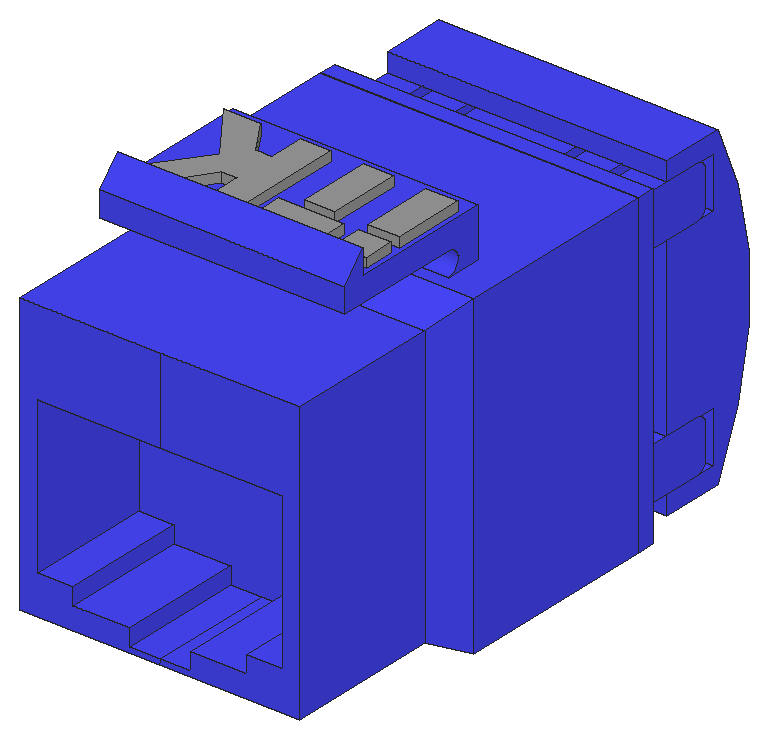
Revit family "ITK_Модуль Keystone Jack_180 градусов_Неэкранированный_IP20", category Обобщенные модели, Revit 2019
Family settings
  Может служить основой для арматурных стержней = Нет
  Размер круглого соединителя = Использовать диаметр
  Тип детали = Нормальный
  На основе рабочей плоскости = Нет
  Всегда вертикально = Да
  При загрузке вырезать с полостями = Нет
  Общий = Нет
  Точка расчета площади = Нет
Parameters (values of type "CS1-1C06U-12")
  Ширина = 17 mm
  Степень защиты = "IP20"  # constant formula
  Материал = Пластик белый
  Изготовитель = "ITK"  # constant formula
  Дата изменения = ""
  Глубина = 32.4 mm
  Высота = 18.3 mm
  URL = "https://www.iek.ru/"
  KSI_CPr_Строительные изделия = ""
  KSI_CMa_Строительные материалы = "01.7.14.03"  # constant formula
  IEK_Цена за единицу = 110.69
  IEK_Поиск в таблице имен = ""
  IEK_Описание = "Совместимость с компонентами для СКС.\r\nИзготовлены из высококачественных негорючих материалов.\r\nНадежность и удобство эксплуатации.\r\nСоответствие международным стандартам качества"
  IEK_URL = "https://www.itk-group.ru/produktsiya/catalog/oborudovanie_telekommunikatsionnoe/komponenty_sks_mednye/rozetki_adaptery_i_moduli_keystone/moduli_keystone_jack_informatsionnye_rozetki_rozetochnye_korpusa_i_adaptery/moduli_keystone_jack/moduli_keystone_jack_kat_6_neekranirovanye_utp/itk_modul_keystone_jack_kat_6_utp_110_idc_180grad"
  ADSK_Примечание = ""
  ADSK_Позиция [instance] = ""
  ADSK_Наименование = "IITK Модуль Keystone Jack кат. 6 UTP 110 IDC 180 град."
  ADSK_Материал обозначение = ""
  ADSK_Материал наименование = "АБС-пластик"  # constant formula
  ADSK_Масса = 0
  ADSK_Марка = ""  # constant formula
  ADSK_Код изделия = "CS1-1C06U-12"
  ADSK_Завод-изготовитель = "IEK"  # constant formula
  ADSK_Единица измерения = "шт"  # constant formula
  ADSK_Группирование = "I. ЩИТЫ И ПУЛЬТЫ"  # constant formula
  ADSK_Версия семейства = "1.0"  # constant formula
  ADSK_Версия Revit = "2019"  # constant formula
  ADSK_URL страницы изделия = "https://www.itk-group.ru/produktsiya/catalog/oborudovanie_telekommunikatsionnoe/komponenty_sks_mednye/rozetki_adaptery_i_moduli_keystone/moduli_keystone_jack_informatsionnye_rozetki_rozetochnye_korpusa_i_adaptery/moduli_keystone_jack/moduli_keystone_jack_kat_5e_neekranirovanye_utp/"
Types (2, lengths in mm): name | IEK_Цена за единицу | IEK_URL | ADSK_Наименование | ADSK_Код изделия
  CS1-1C5EU-12 | 101.15 | "https://www.itk-group.ru/produktsiya/catalog/oborudovanie_telekommunikatsionnoe/komponenty_sks_mednye/rozetki_adaptery_i_moduli_keystone/moduli_keystone_jack_informatsionnye_rozetki_rozetochnye_korpusa_i_adaptery/moduli_keystone_jack/moduli_keystone_jack_kat_5e_neekranirovanye_utp/itk_modul_keystone_jack_kat_5e_utp_110_idc_180grad" | "ITK Модуль Keystone Jack кат. 5E UTP 110 IDC 180 град." | "CS1-1C5EU-12"
  CS1-1C06U-12 | 110.69 | "https://www.itk-group.ru/produktsiya/catalog/oborudovanie_telekommunikatsionnoe/komponenty_sks_mednye/rozetki_adaptery_i_moduli_keystone/moduli_keystone_jack_informatsionnye_rozetki_rozetochnye_korpusa_i_adaptery/moduli_keystone_jack/moduli_keystone_jack_kat_6_neekranirovanye_utp/itk_modul_keystone_jack_kat_6_utp_110_idc_180grad" | "IITK Модуль Keystone Jack кат. 6 UTP 110 IDC 180 град." | "CS1-1C06U-12"
Reference planes
  plane 1 "По центру (Вперед/Назад)": y = 0
  plane 2: z = 0
  plane 3 "По центру (Влево/Вправо)": x = 0
  plane 4: x = -9.15
  plane 5: x = 9.15
  plane 6: z = 18.3
  plane 7: y = 32.4
  plane 8: y = 23
  plane 9: z = 9.15
  plane 10: z = 21.1
  plane 11: y = 4.5
Forms (mm)
  Extrusion 1, solid, material "Пластик белый", detail levels fine
    sketch origin (0, 0, 0) x (1, 0, 0) y (0, 1, 0)
      loop
        line (9.15, 23) -> (-9.15, 23) -> (-9.15, 11.115) -> (-8.05, 9) -> (-8.05, 0) -> (0, 0) -> (8.05, 0) -> (8.05, 9) -> (9.15, 11.115) -> (9.15, 23)
    from 18.3 to 0
  Extrusion 2, void
    sketch origin (0, 0, 0) x (0, 1, 0) y (0, 0, 1)
      loop
        line (0, 17.2) -> (9, 17.2) -> (11.115, 18.3) -> (0, 18.3) -> (0, 17.2)
      loop
        line (0, 1.1) -> (0, 0) -> (11.115, 0) -> (9, 1.1) -> (0, 1.1)
    from 9.15 to -9.15
  Extrusion 3, void
    sketch origin (0, 0, 0) x (1, 0, 0) y (0, 0, 1)
      loop
        line (0, 1.384) -> (1.751, 1.384) -> (1.751, 2.379) -> (5.016, 2.379) -> (5.016, 3.347) -> (7.062, 3.347) -> (7.062, 12.297) -> (0, 12.297) -> (-7.062, 12.297) -> (-7.062, 3.347) -> (-5.016, 3.347) -> (-5.016, 2.379) -> (-1.751, 2.379) -> (-1.751, 1.384) -> (0, 1.384)
    from -7.289 to 0
  Extrusion 4, solid, material "Пластик белый", detail levels fine
    sketch origin (0, 0, 0) x (1, 0, 0) y (0, 0, 1)
      loop
        line (9.15, 18.3) -> (-9.15, 18.3) -> (-9.15, 0) -> (9.15, 0) -> (9.15, 18.3)
    from -24 to -23
  Extrusion 5, solid, material "Пластик белый", detail levels fine
    sketch origin (-8.027, 0, 0) x (0, 1, 0) y (0, 0, 1)
      loop
        line (24, 17.2) -> (24, 14.215) -> (28.613, 14.215)
        arc (28.613, 14.215) -> (29.028, 14.387) -> (29.2, 14.802) r 0.587
        line (29.2, 14.802) -> (29.2, 16.631)
        arc (29.2, 16.631) -> (29.033, 17.033) -> (28.631, 17.2) r 0.569
        line (28.631, 17.2) -> (24, 17.2)
    from 2 to 0
  Extrusion 6, solid, material "Пластик белый", detail levels fine
    sketch origin (8.027, 0, 0) x (0, 1, 0) y (0, 0, -1)
      loop
        line (24, -17.2) -> (28.631, -17.2)
        arc (28.631, -17.2) -> (29.033, -17.033) -> (29.2, -16.631) r 0.569
        line (29.2, -16.631) -> (29.2, -14.802)
        arc (29.2, -14.802) -> (29.028, -14.387) -> (28.613, -14.215) r 0.587
        line (28.613, -14.215) -> (24, -14.215) -> (24, -17.2)
    from 2 to 0
  Extrusion 7, solid, material "Пластик белый", detail levels fine
    sketch origin (1, 0, 0) x (0, 1, 0) y (0, 0, -1)
      loop
        line (24, -17.2) -> (28.631, -17.2)
        arc (28.631, -17.2) -> (29.033, -17.033) -> (29.2, -16.631) r 0.569
        line (29.2, -16.631) -> (29.2, -14.802)
        arc (29.2, -14.802) -> (29.028, -14.387) -> (28.613, -14.215) r 0.587
        line (28.613, -14.215) -> (24, -14.215) -> (24, -17.2)
    from 3.915 to -1.821
  Extrusion 8, solid, material "Пластик белый", detail levels fine
    sketch origin (5.421, 0, 0) x (0, 1, 0) y (0, 0, -1)
      loop
        line (24, -17.2) -> (28.631, -17.2)
        arc (28.631, -17.2) -> (29.033, -17.033) -> (29.2, -16.631) r 0.569
        line (29.2, -16.631) -> (29.2, -14.802)
        arc (29.2, -14.802) -> (29.028, -14.387) -> (28.613, -14.215) r 0.587
        line (28.613, -14.215) -> (24, -14.215) -> (24, -17.2)
    from 2 to 0
  Extrusion 9, solid, material "Пластик белый", detail levels fine
    sketch origin (-5.421, 0, 0) x (0, 1, 0) y (0, 0, 1)
      loop
        line (24, 17.2) -> (24, 14.215) -> (28.613, 14.215)
        arc (28.613, 14.215) -> (29.028, 14.387) -> (29.2, 14.802) r 0.587
        line (29.2, 14.802) -> (29.2, 16.631)
        arc (29.2, 16.631) -> (29.033, 17.033) -> (28.631, 17.2) r 0.569
        line (28.631, 17.2) -> (24, 17.2)
    from 2 to 0
  Extrusion 10, solid, material "Пластик белый", detail levels fine
    sketch origin (-8.027, 0, 18.3) x (0, 1, 0) y (0, 0, 1)
      loop
        line (24, -17.2) -> (28.631, -17.2)
        arc (28.631, -17.2) -> (29.033, -17.033) -> (29.2, -16.631) r 0.569
        line (29.2, -16.631) -> (29.2, -14.802)
        arc (29.2, -14.802) -> (29.028, -14.387) -> (28.613, -14.215) r 0.587
        line (28.613, -14.215) -> (24, -14.215) -> (24, -17.2)
    from 2 to 0
  Extrusion 11, solid, material "Пластик белый", detail levels fine
    sketch origin (8.027, 0, 18.3) x (0, 1, 0) y (0, 0, -1)
      loop
        line (24, 17.2) -> (24, 14.215) -> (28.613, 14.215)
        arc (28.613, 14.215) -> (29.028, 14.387) -> (29.2, 14.802) r 0.587
        line (29.2, 14.802) -> (29.2, 16.631)
        arc (29.2, 16.631) -> (29.033, 17.033) -> (28.631, 17.2) r 0.569
        line (28.631, 17.2) -> (24, 17.2)
    from 2 to 0
  Extrusion 12, solid, material "Пластик белый", detail levels fine
    sketch origin (1, 0, 18.3) x (0, 1, 0) y (0, 0, -1)
      loop
        line (24, 17.2) -> (24, 14.215) -> (28.613, 14.215)
        arc (28.613, 14.215) -> (29.028, 14.387) -> (29.2, 14.802) r 0.587
        line (29.2, 14.802) -> (29.2, 16.631)
        arc (29.2, 16.631) -> (29.033, 17.033) -> (28.631, 17.2) r 0.569
        line (28.631, 17.2) -> (24, 17.2)
    from 3.915 to -1.821
  Extrusion 13, solid, material "Пластик белый", detail levels fine
    sketch origin (5.421, 0, 18.3) x (0, 1, 0) y (0, 0, -1)
      loop
        line (24, 17.2) -> (24, 14.215) -> (28.613, 14.215)
        arc (28.613, 14.215) -> (29.028, 14.387) -> (29.2, 14.802) r 0.587
        line (29.2, 14.802) -> (29.2, 16.631)
        arc (29.2, 16.631) -> (29.033, 17.033) -> (28.631, 17.2) r 0.569
        line (28.631, 17.2) -> (24, 17.2)
    from 2 to 0
  Extrusion 14, solid, material "Пластик белый", detail levels fine
    sketch origin (-5.421, 0, 18.3) x (0, 1, 0) y (0, 0, 1)
      loop
        line (24, -17.2) -> (28.631, -17.2)
        arc (28.631, -17.2) -> (29.033, -17.033) -> (29.2, -16.631) r 0.569
        line (29.2, -16.631) -> (29.2, -14.802)
        arc (29.2, -14.802) -> (29.028, -14.387) -> (28.613, -14.215) r 0.587
        line (28.613, -14.215) -> (24, -14.215) -> (24, -17.2)
    from 2 to 0
  Extrusion 15, solid, material "Пластик прозрачный", detail levels fine
    sketch origin (0, 0, 0) x (0, 1, 0) y (0, 0, 1)
      loop
        line (26.432, 18.3) -> (26.432, 0) -> (30.104, 0)
        arc (30.104, 0) -> (32.4, 9.15) -> (30.104, 18.3) r 19.379
        line (30.104, 18.3) -> (26.432, 18.3)
    from 8.027 to -8.027
  Extrusion 16, void
    sketch origin (0, 0, 0) x (0, 1, 0) y (0, 0, 1)
      loop
        line (26.432, 17.2) -> (26.432, 14.238) -> (29.789, 14.238) -> (29.789, 17.2) -> (26.432, 17.2)
      loop
        line (26.432, 1.1) -> (29.789, 1.1) -> (29.789, 4.062) -> (26.432, 4.062) -> (26.432, 1.1)
    from 8.027 to -8.027
  Extrusion 17, void
    sketch origin (0, 0, 0) x (1, 0, 0) y (0, 0, 1)
      loop
        line (-8.05, 13.594) -> (-8.05, 4.694) -> (-3.178, 4.694)
        arc (-3.178, 4.694) -> (-0.23, 4.278) -> (2.242, 5.938) r 4.162
        arc (2.242, 5.938) -> (4.953, 9.099) -> (2.339, 12.341) r 3.257
        arc (2.339, 12.341) -> (-0.086, 13.968) -> (-2.982, 13.594) r 4.149
        line (-2.982, 13.594) -> (-8.05, 13.594)
    from -37.598 to -25.413
  Extrusion 18, solid, material "Пластик белый", detail levels fine
    sketch origin (0, 0, 0) x (0, 1, 0) y (0, 0, 1)
      loop
        line (14.072, 18.3) -> (14.072, 21.1) -> (5.756, 21.1) -> (5.756, 22.53) -> (4.5, 21.115) -> (4.5, 19.7) -> (11.955, 19.7)
        arc (11.955, 19.7) -> (12.655, 19) -> (11.955, 18.3) r 0.7
        line (11.955, 18.3) -> (14.072, 18.3)
    from 7.062 to -7.062
  Extrusion 19, solid, material "Окраска - RAL 9005", detail levels fine
    sketch origin (0.256, 22.318, 21.1) x (-1, 0, 0) y (0, -1, 0)
      loop
        line (-6.495, 13.526) -> (-6.495, 9.294) -> (-4.645, 9.294) -> (-4.645, 13.526) -> (-6.495, 13.526)
      loop
        line (-1.042, 13.526) -> (-2.785, 13.526) -> (-2.785, 9.294) -> (-1.042, 9.294) -> (-1.042, 13.526)
      loop
        line (-6.495, 14.116) -> (-4.645, 14.116) -> (-4.645, 15.911) -> (-6.495, 15.911) -> (-6.495, 14.116)
      loop
        line (0.857, 15.911) -> (0.857, 9.294) -> (2.601, 9.294) -> (2.601, 11.342) -> (3.55, 11.342) -> (4.88, 9.294) -> (7.005, 9.294) -> (4.597, 12.608) -> (7.005, 15.911) -> (4.88, 15.911) -> (3.55, 13.863) -> (2.601, 13.863) -> (2.601, 15.911) -> (0.857, 15.911)
      loop
        line (-3.788, 14.116) -> (-0.038, 14.116) -> (-0.038, 15.911) -> (-3.788, 15.911) -> (-3.788, 14.116)
    from 0 to 0.554
  Extrusion 20, solid, material "Условный материал-отделка", detail levels coarse+medium
    sketch origin (0, 0, 0) x (1, 0, 0) y (0, 1, 0)
      loop
        line (-9.15, 0) -> (9.15, 0) -> (9.15, 32.4) -> (-9.15, 32.4) -> (-9.15, 0)
    from 21.1 to 0
Cuts and joins
  Extrusion 2, Extrusion 3 cuts Extrusion 1
  Extrusion 16, Extrusion 17 cuts Extrusion 15
Dimensions and locks
  equal spacing: plane 4, plane 3 "По центру (Влево/Вправо)", plane 5
  plane 4 to plane 5 = 18.3 mm
  plane 6 to level = 18.3 mm
  plane 1 "По центру (Вперед/Назад)" to plane 7 = 32.4 mm
  plane 1 "По центру (Вперед/Назад)" to plane 8 = 23 mm
  aligned and locked: level to plane 2
  aligned and locked: plane 8 to Extrusion 1
  aligned and locked: Extrusion 4 to plane 8
  aligned and locked: Extrusion 6 to Extrusion 16
  aligned and locked: Extrusion 16 to Extrusion 5
Automatic sketch dimensions
  Extrusion 1 sketch curve to plane 4 = 0 mm
  plane 1 "По центру (Вперед/Назад)" to Extrusion 1 sketch curve = 0 mm
  Extrusion 1 sketch curve to plane 3 "По центру (Влево/Вправо)" = 0 mm
  Extrusion 1 sketch curve to plane 5 = 0 mm
  Extrusion 1 sketch curve to plane 8 = 0 mm
  plane 4 to Extrusion 1 sketch curve = 1.1 mm
  Extrusion 1 sketch curve to plane 5 = 1.1 mm
  plane 11 to Extrusion 1 sketch curve = 4.5 mm  (x2)
  Extrusion 1 sketch curve to Extrusion 1 sketch curve = 2.115 mm  (x2)
  Extrusion 2 sketch curve to plane 1 "По центру (Вперед/Назад)" = 0 mm  (x2)
  Extrusion 2 sketch curve to level = 0 mm
  Extrusion 2 sketch curve to plane 6 = 0 mm
  level to Extrusion 2 sketch curve = 1.1 mm
  plane 11 to Extrusion 2 sketch curve = 4.5 mm  (x2)
  Extrusion 2 sketch curve to plane 6 = 1.1 mm
  Extrusion 2 sketch curve to Extrusion 2 sketch curve = 2.115 mm  (x2)
  Extrusion 3 sketch curve to plane 3 "По центру (Влево/Вправо)" = 0 mm  (x2)
  Extrusion 3 sketch curve to plane 3 "По центру (Влево/Вправо)" = 1.751 mm
  Extrusion 3 sketch curve to Extrusion 3 sketch curve = 3.265 mm  (x2)
  plane 4 to Extrusion 3 sketch curve = 2.088 mm
  plane 3 "По центру (Влево/Вправо)" to Extrusion 3 sketch curve = 1.751 mm
  Extrusion 3 sketch curve to plane 5 = 2.088 mm
  level to Extrusion 3 sketch curve = 1.384 mm
  level to Extrusion 3 sketch curve = 2.379 mm  (x2)
  Extrusion 3 sketch curve to Extrusion 3 sketch curve = 0.968 mm  (x2)
  Extrusion 3 sketch curve to plane 9 = 3.147 mm
  Extrusion 4 sketch curve to plane 4 = 0 mm
  Extrusion 4 sketch curve to level = 0 mm
  Extrusion 4 sketch curve to plane 5 = 0 mm
  Extrusion 4 sketch curve to plane 6 = 0 mm
  plane 8 to Extrusion 5 sketch curve = 1 mm
  Extrusion 5 sketch curve to plane 7 = 3.787 mm
  Extrusion 5 sketch curve to Extrusion 5 sketch curve = 0.018 mm
  Extrusion 5 sketch curve to Extrusion 5 sketch curve = 0.587 mm
  Extrusion 5 sketch curve to plane 6 = 4.085 mm
  Extrusion 5 sketch curve to plane 6 = 1.669 mm
  plane 8 to Extrusion 6 sketch curve = 1 mm
  Extrusion 6 sketch curve to plane 7 = 3.787 mm
  Extrusion 6 sketch curve to Extrusion 6 sketch curve = 0.018 mm
  Extrusion 6 sketch curve to Extrusion 6 sketch curve = 0.587 mm
  Extrusion 6 sketch curve to plane 6 = 1.1 mm
  Extrusion 6 sketch curve to Extrusion 6 sketch curve = 1.829 mm
  plane 8 to Extrusion 7 sketch curve = 1 mm
  Extrusion 7 sketch curve to plane 7 = 3.787 mm
  Extrusion 7 sketch curve to Extrusion 7 sketch curve = 0.018 mm
  Extrusion 7 sketch curve to Extrusion 7 sketch curve = 0.587 mm
  Extrusion 7 sketch curve to plane 6 = 1.1 mm
  Extrusion 7 sketch curve to Extrusion 7 sketch curve = 1.829 mm
  plane 8 to Extrusion 8 sketch curve = 1 mm
  Extrusion 8 sketch curve to plane 7 = 3.787 mm
  Extrusion 8 sketch curve to Extrusion 8 sketch curve = 0.018 mm
  Extrusion 8 sketch curve to Extrusion 8 sketch curve = 0.587 mm
  Extrusion 8 sketch curve to plane 6 = 1.1 mm
  Extrusion 8 sketch curve to Extrusion 8 sketch curve = 1.829 mm
  plane 8 to Extrusion 9 sketch curve = 1 mm
  Extrusion 9 sketch curve to plane 7 = 3.787 mm
  Extrusion 9 sketch curve to Extrusion 9 sketch curve = 0.018 mm
  Extrusion 9 sketch curve to Extrusion 9 sketch curve = 0.587 mm
  Extrusion 9 sketch curve to plane 6 = 4.085 mm
  Extrusion 9 sketch curve to plane 6 = 1.669 mm
  plane 8 to Extrusion 10 sketch curve = 1 mm
  Extrusion 10 sketch curve to plane 7 = 3.787 mm
  Extrusion 10 sketch curve to Extrusion 10 sketch curve = 0.018 mm
  Extrusion 10 sketch curve to Extrusion 10 sketch curve = 0.587 mm
  level to Extrusion 10 sketch curve = 1.1 mm
  Extrusion 10 sketch curve to Extrusion 10 sketch curve = 1.829 mm
  plane 8 to Extrusion 11 sketch curve = 1 mm
  Extrusion 11 sketch curve to plane 7 = 3.787 mm
  Extrusion 11 sketch curve to Extrusion 11 sketch curve = 0.018 mm
  Extrusion 11 sketch curve to Extrusion 11 sketch curve = 0.587 mm
  level to Extrusion 11 sketch curve = 4.085 mm
  level to Extrusion 11 sketch curve = 1.669 mm
  plane 8 to Extrusion 12 sketch curve = 1 mm
  Extrusion 12 sketch curve to plane 7 = 3.787 mm
  Extrusion 12 sketch curve to Extrusion 12 sketch curve = 0.018 mm
  Extrusion 12 sketch curve to Extrusion 12 sketch curve = 0.587 mm
  level to Extrusion 12 sketch curve = 4.085 mm
  level to Extrusion 12 sketch curve = 1.669 mm
  plane 8 to Extrusion 13 sketch curve = 1 mm
  Extrusion 13 sketch curve to plane 7 = 3.787 mm
  Extrusion 13 sketch curve to Extrusion 13 sketch curve = 0.018 mm
  Extrusion 13 sketch curve to Extrusion 13 sketch curve = 0.587 mm
  level to Extrusion 13 sketch curve = 4.085 mm
  level to Extrusion 13 sketch curve = 1.669 mm
  plane 8 to Extrusion 14 sketch curve = 1 mm
  Extrusion 14 sketch curve to plane 7 = 3.787 mm
  Extrusion 14 sketch curve to Extrusion 14 sketch curve = 0.018 mm
  Extrusion 14 sketch curve to Extrusion 14 sketch curve = 0.587 mm
  level to Extrusion 14 sketch curve = 1.1 mm
  Extrusion 14 sketch curve to Extrusion 14 sketch curve = 1.829 mm
  plane 9 to Extrusion 15 sketch curve = 0 mm
  Extrusion 15 sketch curve to plane 6 = 0 mm
  Extrusion 15 sketch curve to level = 0 mm
  plane 11 to Extrusion 15 sketch curve = 8.521 mm
  plane 8 to Extrusion 15 sketch curve = 3.432 mm
  Extrusion 15 sketch curve to plane 7 = 2.296 mm
  Extrusion 16 sketch curve to plane 6 = 1.1 mm
  plane 8 to Extrusion 16 sketch curve = 3.432 mm  (x2)
  level to Extrusion 16 sketch curve = 1.1 mm
  Extrusion 16 sketch curve to plane 7 = 2.611 mm  (x2)
  Extrusion 16 sketch curve to Extrusion 16 sketch curve = 2.962 mm  (x2)
  plane 4 to Extrusion 17 sketch curve = 1.1 mm
  Extrusion 17 sketch curve to plane 3 "По центру (Влево/Вправо)" = 3.178 mm
  Extrusion 17 sketch curve to plane 3 "По центру (Влево/Вправо)" = 2.982 mm
  plane 9 to Extrusion 17 sketch curve = 0.815 mm
  Extrusion 17 sketch curve to plane 3 "По центру (Влево/Вправо)" = 1.16 mm
  Extrusion 17 sketch curve to plane 9 = 0.78 mm
  Extrusion 17 sketch curve to plane 3 "По центру (Влево/Вправо)" = 1.037 mm
  plane 9 to Extrusion 17 sketch curve = 0.001 mm
  plane 3 "По центру (Влево/Вправо)" to Extrusion 17 sketch curve = 1.696 mm
  plane 9 to Extrusion 17 sketch curve = 4.456 mm
  Extrusion 17 sketch curve to Extrusion 17 sketch curve = 3.664 mm
  plane 3 "По центру (Влево/Вправо)" to Extrusion 17 sketch curve = 2.242 mm
  Extrusion 18 sketch curve to plane 11 = 0 mm
  Extrusion 18 sketch curve to plane 10 = 0 mm
  Extrusion 18 sketch curve to plane 6 = 0 mm
  plane 11 to Extrusion 18 sketch curve = 1.256 mm
  Extrusion 18 sketch curve to Extrusion 18 sketch curve = 6.199 mm
  Extrusion 18 sketch curve to Extrusion 18 sketch curve = 2.117 mm
  plane 6 to Extrusion 18 sketch curve = 0.7 mm
  plane 10 to Extrusion 18 sketch curve = 0.015 mm
  Extrusion 18 sketch curve to Extrusion 18 sketch curve = 1.43 mm
  Extrusion 19 sketch curve to plane 5 = 2.399 mm
  Extrusion 19 sketch curve to Extrusion 19 sketch curve = 0 mm  (x7)
  Extrusion 19 sketch curve to Extrusion 19 sketch curve = 1.85 mm  (x2)
  Extrusion 19 sketch curve to Extrusion 19 sketch curve = 0.857 mm
  Extrusion 19 sketch curve to Extrusion 19 sketch curve = 1.004 mm
  plane 3 "По центру (Влево/Вправо)" to Extrusion 19 sketch curve = 1.298 mm
  plane 3 "По центру (Влево/Вправо)" to Extrusion 19 sketch curve = 0.294 mm
  Extrusion 19 sketch curve to plane 3 "По центру (Влево/Вправо)" = 0.601 mm
  Extrusion 19 sketch curve to plane 3 "По центру (Влево/Вправо)" = 2.345 mm  (x2)
  Extrusion 19 sketch curve to Extrusion 19 sketch curve = 0.948 mm  (x2)
  Extrusion 19 sketch curve to Extrusion 19 sketch curve = 1.047 mm
  Extrusion 19 sketch curve to Extrusion 19 sketch curve = 2.278 mm  (x2)
  Extrusion 19 sketch curve to Extrusion 19 sketch curve = 2.125 mm  (x2)
  plane 11 to Extrusion 19 sketch curve = 8.524 mm
  Extrusion 19 sketch curve to Extrusion 19 sketch curve = 2.048 mm
  Extrusion 19 sketch curve to Extrusion 19 sketch curve = 1.266 mm
  Extrusion 19 sketch curve to Extrusion 19 sketch curve = 4.232 mm
  Extrusion 19 sketch curve to Extrusion 19 sketch curve = 1.255 mm
  Extrusion 19 sketch curve to Extrusion 19 sketch curve = 0.59 mm
  Extrusion 19 sketch curve to Extrusion 19 sketch curve = 1.795 mm
  plane 11 to Extrusion 19 sketch curve = 1.907 mm  (x2)
  Extrusion 20 sketch curve to plane 4 = 0 mm
  Extrusion 20 sketch curve to plane 5 = 0 mm
  plane 1 "По центру (Вперед/Назад)" to Extrusion 20 sketch curve = 0 mm
  Extrusion 20 sketch curve to plane 7 = 0 mm
